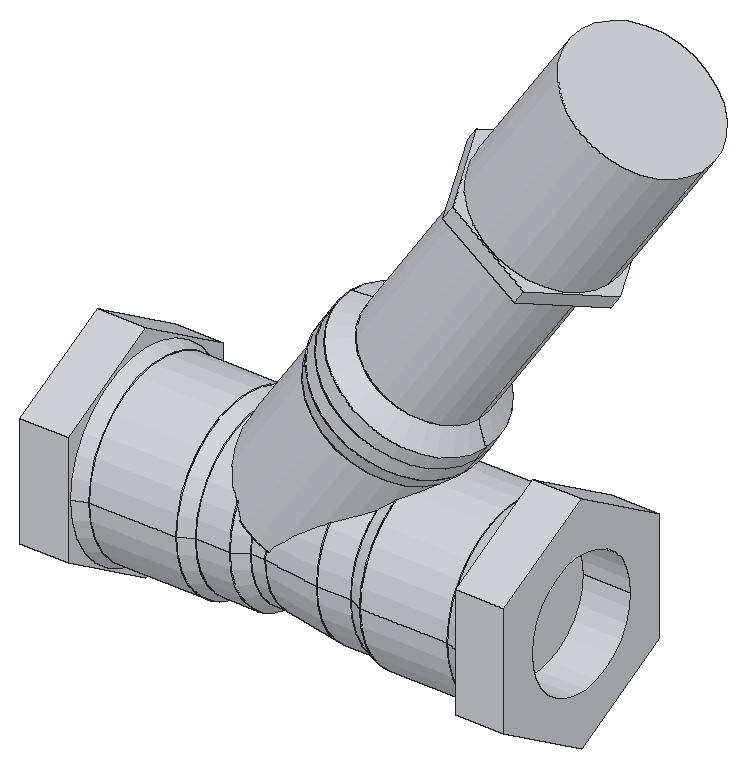
Revit family "DPRV_DN020_RFA_2019", category Pipe Accessories, Revit 2019
Family settings
  Round Connector Dimension = Use Diameter
  Part Type = Valve - Breaks Into
  Work Plane-Based = No
  Always vertical = Yes
  Cut with Voids When Loaded = No
  Shared = No
Parameters (values of type "DPRV-DN20")
  magiProductId = "7bf90d6895024d90850a4e7c13d0c4"
  magiProductFamilyId = "2368235d042246b783f613dde97580"
  magiPartTypeId = 304
  isMeasuringValve [instance] = no
  ang2D [instance] = 0.00°
  Z1 = 26.304 mm
  Y6 = 15.3 mm
  Y5 = 13.4 mm
  Y3 = 14.4 mm
  Y15 = 11.934 mm
  Y14 = 14.04 mm
  Y12 = 10.14 mm
  Y11 = 13.26 mm
  Y10 = 12.48 mm
  Y0 = 12.06 mm
  XT0 = 8 mm
  X7 = 5.46 mm
  X6__ve = -X6  # -14.04 mm
  X6 = 14.04 mm
  X3 = 2.34 mm
  X1__ve = -X1  # -7.8 mm
  X1 = 7.8 mm
  X0 = 39 mm
  W2D = 15 mm
  VersionID = "2.0/2018.12.13.2/FRESE_DPRV_001"
  Use Minimum Symbol Size [instance] = no
  URL = "www.hydronix.cz"
  Type Comments = "závitový s vnitřním závitem; PN25; dpmax=600kPa; -20~+120°C"
  QmdConnectorList = "301;D;302;D"
  Productdata [instance] = ""
  Manufacturer = "Hydronix"
  MC Use Limits From Balancing Method = no
  MC Throttling Minimum Value = 0
  MC Throttling Maximum Value = 0
  MC Product Code = "48-0076; DN20 FF; nastavitelný rozsah 10-60kPa; kvs=3,7"
  MC Pressure Drop Minimum Value = 0.0 Pa
  MC Pressure Drop Maximum Value = 0.0 Pa
  MC Piping Given Pressure Drop [instance] = 0.0 Pa
  L3 = 18 mm
  L2D_Min = 30.48 mm
  L2D = 70 mm
  H6 = 31.304 mm
  H5 = 2.63 mm
  H2 = 21.92 mm
  Description = "Nastavitelný přepouštěcí ventil"
  DT2 = 10 mm
  D = 20 mm
  CenSd_Y14_6 = Y14 * cos(30.00°)  # 12.159 mm
  CenSd_L3_6 = L3 * cos(30.00°)  # 15.588 mm
  AA3 = 3.081 mm
  AA2 = 5.371 mm
Types (4, lengths in mm): name | magiProductId | Z1 | Y6 | Y5 | Y3 | Y15 | Y14 | Y12 | Y11 | Y10 | Y0 | X7 | X6__ve | X6 | X3 | X1__ve | X1 | X0 | MC Product Code | L3 | H6 | H5 | H2 | DT2 | D | CenSd_Y14_6 | CenSd_L3_6 | AA3 | AA2
  DPRV-DN15 | "0a1695ce379549c5bda4e9817c8a32" | 26.012 | 12.75 | 11 | 12 | 10.71 | 12.6 | 9.1 | 11.9 | 11.2 | 9.9 | 4.9 | -12.6 | 12.6 | 2.1 | -7 | 7 | 35 | "48-0075; DN15 FF; nastavitelný rozsah 10-60kPa; kvs=3,5" | 15 | 31.012 | 2.601 | 21.677 | 7.5 | 15 | 10.912 | 12.99 | 2.941 | 5.127
  DPRV-DN20 | "7bf90d6895024d90850a4e7c13d0c4" | 26.304 | 15.3 | 13.4 | 14.4 | 11.934 | 14.04 | 10.14 | 13.26 | 12.48 | 12.06 | 5.46 | -14.04 | 14.04 | 2.34 | -7.8 | 7.8 | 39 | "48-0076; DN20 FF; nastavitelný rozsah 10-60kPa; kvs=3,7" | 18 | 31.304 | 2.63 | 21.92 | 10 | 20 | 12.159 | 15.588 | 3.081 | 5.371
  DPRV-DN25 | "8f5d2c47d0804d84a9ee1a0f7163ce" | 28.345 | 19.55 | 17.4 | 18.4 | 13.311 | 15.66 | 11.31 | 14.79 | 13.92 | 15.66 | 6.09 | -15.66 | 15.66 | 2.61 | -8.7 | 8.7 | 43.5 | "48-0077; DN25 FF; nastavitelný rozsah 10-60kPa; kvs=8,3" | 23 | 33.345 | 2.835 | 23.621 | 12.5 | 25 | 13.562 | 19.919 | 3.991 | 6.958
  DPRV-DN32 | "4b273c145a0a4466be66f0b82dd13f" | 28.27 | 23.8 | 21.4 | 22.4 | 15.759 | 18.54 | 13.39 | 17.51 | 16.48 | 19.26 | 7.21 | -18.54 | 18.54 | 3.09 | -10.3 | 10.3 | 51.5 | "48-0078; DN32 FF; nastavitelný rozsah 10-60kPa; kvs=10,5" | 28 | 33.27 | 2.827 | 23.558 | 16 | 32 | 16.056 | 24.249 | 4.131 | 7.203
Reference planes
  plane 1 "Center (Front/Back)": y = 0
  plane 2 "XYPLANE": z = 0
  plane 3 "Center (Left/Right)": x = 0
  plane 4 "733": through (-616.131, 0, 427.659) normal (0.5736, 0, 0.8192)
  plane 5 "722": through (-614.364, 0, 430.182) normal (0.5736, 0, 0.8192)
  plane 6 "680": through (-595.756, 0, 456.757) normal (0.5736, 0, 0.8192)
  plane 7 "673": through (-576.292, 0, 484.555) normal (0.5736, 0, 0.8192)
  plane 8 "667": x = 7.02
  plane 9 "666": x = -2.34
  plane 10 "664": x = -4.68
  plane 11 "662": x = -7.02
  plane 12 "540": through (-598.774, 0, 452.448) normal (0.5736, 0, 0.8192)
  plane 13 "539": through (-577.801, 0, 482.4) normal (0.5736, 0, 0.8192)
  plane 14 "535": through (-597.265, 0, 454.603) normal (0.5736, 0, 0.8192)
  plane 15 "531": through (-600.282, 0, 450.293) normal (0.5736, 0, 0.8192)
  plane 16 "528": through (-601.791, 0, 448.138) normal (0.5736, 0, 0.8192)
  plane 17 "512": y = 0
  plane 18 "510": through (425.782, 0, 617.445) normal (0.8192, 0, -0.5736)
  plane 19 "369": x = 12.48
  plane 20 "367": x = 14.82
  plane 21 "366": x = 31.2
  plane 22 "365": x = 28.86
  plane 23 "354": x = -12.48
  plane 24 "54": x = -14.82
  plane 25 "49": x = -28.86
  plane 26 "18": x = -31.2
  plane 27 "8": x = 39
  plane 28 "7": x = -39
  plane 29 "3": z = 0
  plane 30 "2": y = 0
  plane 31 "507XY": through (-614.364, 0, 430.182) normal (0.5736, 0, 0.8192)
  plane 32 "507XZ": y = 0
  plane 33 "507YZ": through (430.182, 0, 614.364) normal (0.8192, 0, -0.5736)
Forms (mm)
  Extrusion 1, solid
    sketch origin (-576.292, 0, 484.555) x (0.819152, 0, -0.573576) y (0, 1, 0)
      loop
        circle (744.629, 0) r 11.934
    from 0 to 26.304 <- "Z1"
  Extrusion 2, solid
    sketch origin (-577.801, 0, 482.4) x (0.819152, 0, -0.573576) y (0, 1, 0)
      loop
        line (758.669, 0) -> (751.649, 12.159) -> (737.609, 12.159) -> (730.589, 0) -> (737.609, -12.159) -> (751.649, -12.159) -> (758.669, 0)
    from 0 to 2.63 <- "H5"
  Blend 3, solid
    base sketch origin (-597.265, 0, 454.603) x (0.819152, 0, -0.573576) y (0, 1, 0)
      loop
        circle (744.629, 0) r 13.26
    top sketch origin (-597.265, 0, 454.603) x (0.819152, 0, -0.573576) y (0, 1, 0)
      loop
        circle (744.629, 0) r 10.14
    from 0 to 2.63
  Blend 4, solid
    base sketch origin (-601.791, 0, 448.138) x (0.819152, 0, -0.573576) y (0, 1, 0)
      loop
        circle (744.629, 0) r 12.48
    top sketch origin (-601.791, 0, 448.138) x (0.819152, 0, -0.573576) y (0, 1, 0)
      loop
        circle (744.629, 0) r 13.26
    from 0 to 2.63
  Blend 5, solid
    base sketch origin (-2.34, -750, 0) x (0, 1, 0) y (0, 0, 1)
      loop
        circle (750, 0) r 12.06
    top sketch origin (-2.34, -750, 0) x (0, 1, 0) y (0, 0, 1)
      loop
        circle (750, 0) r 13.4
    from 0 to 9.36
  Extrusion 6, solid
    sketch origin (-4.68, -750, 0) x (0, 1, 0) y (0, 0, 1)
      loop
        circle (750, 0) r 12.06
    from 0 to 2.34 <- "X3"
  Blend 7, solid
    base sketch origin (-7.02, -750, 0) x (0, 1, 0) y (0, 0, 1)
      loop
        circle (750, 0) r 13.4
    top sketch origin (-7.02, -750, 0) x (0, 1, 0) y (0, 0, 1)
      loop
        circle (750, 0) r 12.06
    from 0 to 2.34
  Extrusion 8, solid
    sketch origin (7.02, -750, 0) x (0, 1, 0) y (0, 0, 1)
      loop
        circle (750, 0) r 13.4
    from 0 to 5.46 <- "X7"
  Blend 9, solid
    base sketch origin (-614.364, 0, 430.182) x (0.819152, 0, -0.573576) y (0, 1, 0)
      loop
        circle (744.629, 0) r 12.48
    top sketch origin (-614.364, 0, 430.182) x (0.819152, 0, -0.573576) y (0, 1, 0)
      loop
        circle (744.629, 0) r 8
    from 0 to -3.081
  Extrusion 10, solid
    sketch origin (-595.756, 0, 456.757) x (0.819152, 0, -0.573576) y (0, 1, 0)
      loop
        circle (744.629, 0) r 10.14
    from 0 to 31.304 <- "H6"
  Extrusion 11, solid
    sketch origin (-598.774, 0, 452.448) x (0.819152, 0, -0.573576) y (0, 1, 0)
      loop
        circle (744.629, 0) r 13.26
    from 0 to 2.63 <- "H5"
  Extrusion 12, solid
    sketch origin (-600.282, 0, 450.293) x (0.819152, 0, -0.573576) y (0, 1, 0)
      loop
        circle (744.629, 0) r 13.26
    from 0 to 2.63 <- "H5"
  Extrusion 13, solid
    sketch origin (-614.364, 0, 430.182) x (0.819152, 0, -0.573576) y (0, 1, 0)
      loop
        circle (744.629, 0) r 12.48
    from 0 to 21.92 <- "H2"
  Blend 14, solid
    base sketch origin (14.82, -750, 0) x (0, 1, 0) y (0, 0, 1)
      loop
        circle (750, 0) r 14.4
    top sketch origin (14.82, -750, 0) x (0, 1, 0) y (0, 0, 1)
      loop
        circle (750, 0) r 13.4
    from 0 to -2.34
  Extrusion 15, solid
    sketch origin (28.86, -750, 0) x (0, 1, 0) y (0, 0, 1)
      loop
        circle (750, 0) r 14.4
    from 0 to -14.04 <- "X6__ve"
  Extrusion 16, solid
    sketch origin (-12.48, -750, 0) x (0, 1, 0) y (0, 0, 1)
      loop
        circle (750, 0) r 13.4
    from 0 to 5.46 <- "X7"
  Extrusion 17, solid
    sketch origin (-28.86, -750, 0) x (0, 1, 0) y (0, 0, 1)
      loop
        circle (750, 0) r 14.4
    from 0 to 14.04 <- "X6"
  Blend 18, solid
    base sketch origin (-14.82, -750, 0) x (0, 1, 0) y (0, 0, 1)
      loop
        circle (750, 0) r 14.4
    top sketch origin (-14.82, -750, 0) x (0, 1, 0) y (0, 0, 1)
      loop
        circle (750, 0) r 13.4
    from 0 to 2.34
  Extrusion 19, solid
    sketch origin (-39, -750, 0) x (0, 1, 0) y (0, 0, 1)
      loop
        line (750, 18) -> (734.412, 9) -> (734.412, -9) -> (750, -18) -> (765.588, -9) -> (765.588, 9) -> (750, 18)
      loop
        circle (750, 0) r 10
    from 0 to 7.8 <- "X1"
  Blend 20, solid
    base sketch origin (31.2, -750, 0) x (0, 1, 0) y (0, 0, 1)
      loop
        circle (750, 0) r 15.3
    top sketch origin (31.2, -750, 0) x (0, 1, 0) y (0, 0, 1)
      loop
        circle (750, 0) r 14.4
    from 0 to -2.34
  Extrusion 21, solid
    sketch origin (39, -750, 0) x (0, 1, 0) y (0, 0, 1)
      loop
        line (750, 18) -> (734.412, 9) -> (734.412, -9) -> (750, -18) -> (765.588, -9) -> (765.588, 9) -> (750, 18)
      loop
        circle (750, 0) r 10
    from 0 to -7.8 <- "X1__ve"
  Blend 22, solid
    base sketch origin (-31.2, -750, 0) x (0, 1, 0) y (0, 0, 1)
      loop
        circle (750, 0) r 15.3
    top sketch origin (-31.2, -750, 0) x (0, 1, 0) y (0, 0, 1)
      loop
        circle (750, 0) r 14.4
    from 0 to 2.34
  Extrusion 23, solid, not visible
    sketch origin (39, -750, 0) x (0, 1, 0) y (0, 0, 1)
      loop
        circle (750, 0) r 10
    from 0 to -10
  Extrusion 24, solid, not visible
    sketch origin (-39, -750, 0) x (0, 1, 0) y (0, 0, 1)
      loop
        circle (750, 0) r 10
    from 0 to 10
Lines and regions (mm)
  reference lines, not visible
    curve 1: circle (2, 2, 0) r 1 normal (0, 0, 1)
  reference lines
    curve 2: line (32.163, 0, 55.299) -> (29.583, 5.456, 57.106)
    curve 3: line (32.163, 0, 55.299) -> (27.003, 0, 58.912)
    curve 4: line (32.163, 0, 55.299) -> (29.583, -5.456, 57.106)
    curve 5: line (-39, 0, 0) -> (-39, -6.495, -3.75)
    curve 6: line (-39, 0, 0) -> (-39, 0, -7.5)
    curve 7: line (-39, 0, 0) -> (-39, 6.495, -3.75)
    curve 8: line (39, 0, 0) -> (39, -6.495, -3.75)
    curve 9: line (39, 0, 0) -> (39, 0, -7.5)
    curve 10: line (39, 0, 0) -> (39, 6.495, -3.75)
Dimensions and locks
  plane 1 "Center (Front/Back)" to curve 1 = 2 mm
  "AA3": plane 31 "507XY" to plane 4 "733"
  locked: plane 31 "507XY" to plane 5 "722"
  "H5": plane 14 "535" to plane 6 "680"
  "H5": plane 13 "539" to plane 7 "673"
  "X7": plane 19 "369" to plane 8 "667"
  "X3": plane 10 "664" to plane 9 "666"
  "X3": plane 11 "662" to plane 10 "664"
  "X7": plane 23 "354" to plane 11 "662"
  "H5": plane 15 "531" to plane 12 "540"
  "H6": plane 6 "680" to plane 13 "539"
  "H5": plane 12 "540" to plane 14 "535"
  "H5": plane 16 "528" to plane 15 "531"
  "H2": plane 31 "507XY" to plane 16 "528"
  locked: plane 32 "507XZ" to plane 17 "512"
  "AA2": plane 33 "507YZ" to plane 18 "510"
  "X3": plane 20 "367" to plane 19 "369"
  "X6": plane 22 "365" to plane 20 "367"
  "X1": plane 27 "8" to plane 21 "366"
  "X3": plane 21 "366" to plane 22 "365"
  "X3": plane 24 "54" to plane 23 "354"
  "X6": plane 25 "49" to plane 24 "54"
  "X3": plane 26 "18" to plane 25 "49"
  "X1": plane 28 "7" to plane 26 "18"
  "X0": plane 3 "Center (Left/Right)" to plane 27 "8"
  "X0": plane 3 "Center (Left/Right)" to plane 28 "7"
  locked: plane 2 "XYPLANE" to plane 29 "3"
  locked: plane 1 "Center (Front/Back)" to plane 30 "2"
  "CenSd_Y14_6": curve 2 to Extrusion 2 sketch curve  (x2)
  "CenSd_Y14_6": curve 3 to Extrusion 2 sketch curve  (x2)
  "CenSd_Y14_6": curve 4 to Extrusion 2 sketch curve  (x2)
  Extrusion 2 sketch curve to Extrusion 2 sketch curve = 0 mm  (x12)
  "CenSd_L3_6": curve 5 to Extrusion 19 sketch curve  (x2)
  "CenSd_L3_6": curve 6 to Extrusion 19 sketch curve  (x2)
  "CenSd_L3_6": curve 7 to Extrusion 19 sketch curve  (x2)
  Extrusion 19 sketch curve to Extrusion 19 sketch curve = 0 mm  (x12)
  "CenSd_L3_6": curve 8 to Extrusion 21 sketch curve  (x2)
  "CenSd_L3_6": curve 9 to Extrusion 21 sketch curve  (x2)
  "CenSd_L3_6": curve 10 to Extrusion 21 sketch curve  (x2)
  Extrusion 21 sketch curve to Extrusion 21 sketch curve = 0 mm  (x12)
  "Y15": radius of Extrusion 1 sketch curve
  "Y12": radius of Blend 3 sketch curve
  "Y11": radius of Blend 3 sketch curve
  "Y11": radius of Blend 4 sketch curve
  "Y10": radius of Blend 4 sketch curve
  "Y5": radius of Blend 5 sketch curve
  "Y0": radius of Blend 5 sketch curve
  "Y0": radius of Extrusion 6 sketch curve
  "Y0": radius of Blend 7 sketch curve
  "Y5": radius of Blend 7 sketch curve
  "Y5": radius of Extrusion 8 sketch curve
  "XT0": radius of Blend 9 sketch curve
  "Y10": radius of Blend 9 sketch curve
  "Y12": radius of Extrusion 10 sketch curve
  "Y11": radius of Extrusion 11 sketch curve
  "Y11": radius of Extrusion 12 sketch curve
  "Y10": radius of Extrusion 13 sketch curve
  "Y5": radius of Blend 14 sketch curve
  "Y3": radius of Blend 14 sketch curve
  "Y3": radius of Extrusion 15 sketch curve
  "Y5": radius of Extrusion 16 sketch curve
  "Y3": radius of Extrusion 17 sketch curve
  "Y5": radius of Blend 18 sketch curve
  "Y3": radius of Blend 18 sketch curve
  "DT2": radius of Extrusion 19 sketch curve
  "Y3": radius of Blend 20 sketch curve
  "Y6": radius of Blend 20 sketch curve
  "DT2": radius of Extrusion 21 sketch curve
  "Y3": radius of Blend 22 sketch curve
  "Y6": radius of Blend 22 sketch curve
  locked: curve 3 to curve 2 (angle 60.00°)
  locked: curve 4 to curve 3 (angle 60.00°)
  locked: curve 4 to curve 2 (angle 120.00°)
  locked: curve 6 to curve 5 (angle 60.00°)
  locked: curve 7 to curve 6 (angle 60.00°)
  locked: curve 7 to curve 5 (angle 120.00°)
  locked: curve 9 to curve 8 (angle 60.00°)
  locked: curve 10 to curve 9 (angle 60.00°)
  locked: curve 10 to curve 8 (angle 120.00°)
  aligned and locked: level to plane 2 "XYPLANE"
  aligned and locked: plane 17 "512" to Extrusion 1 sketch curve
  aligned and locked: Extrusion 1 sketch curve to plane 18 "510"
  aligned and locked: curve 2 to plane 18 "510"
  aligned and locked: plane 17 "512" to curve 3
  aligned and locked: plane 17 "512" to Blend 3 sketch curve  (x2)
  aligned and locked: Blend 3 sketch curve to plane 18 "510"  (x2)
  aligned and locked: plane 6 "680" to Blend 3
  aligned and locked: plane 17 "512" to Blend 4 sketch curve  (x2)
  aligned and locked: Blend 4 sketch curve to plane 18 "510"  (x2)
  aligned and locked: plane 15 "531" to Blend 4
  aligned and locked: plane 29 "3" to Blend 5 sketch curve  (x2)
  aligned and locked: Blend 5 sketch curve to plane 30 "2"  (x2)
  aligned and locked: plane 8 "667" to Blend 5
  aligned and locked: plane 29 "3" to Extrusion 6 sketch curve
  aligned and locked: Extrusion 6 sketch curve to plane 30 "2"
  aligned and locked: plane 29 "3" to Blend 7 sketch curve  (x2)
  aligned and locked: Blend 7 sketch curve to plane 30 "2"  (x2)
  aligned and locked: plane 10 "664" to Blend 7
  aligned and locked: plane 29 "3" to Extrusion 8 sketch curve
  aligned and locked: Extrusion 8 sketch curve to plane 30 "2"
  aligned and locked: plane 17 "512" to Blend 9 sketch curve  (x2)
  aligned and locked: Blend 9 sketch curve to plane 18 "510"  (x2)
  aligned and locked: Blend 9 to plane 4 "733"
  aligned and locked: plane 17 "512" to Extrusion 10 sketch curve
  aligned and locked: Extrusion 10 sketch curve to plane 18 "510"
  aligned and locked: plane 17 "512" to Extrusion 11 sketch curve
  aligned and locked: Extrusion 11 sketch curve to plane 18 "510"
  aligned and locked: plane 17 "512" to Extrusion 12 sketch curve
  aligned and locked: Extrusion 12 sketch curve to plane 18 "510"
  aligned and locked: plane 17 "512" to Extrusion 13 sketch curve
  aligned and locked: Extrusion 13 sketch curve to plane 18 "510"
  aligned and locked: plane 29 "3" to Blend 14 sketch curve  (x2)
  aligned and locked: Blend 14 sketch curve to plane 30 "2"  (x2)
  aligned and locked: Blend 14 to plane 19 "369"
  aligned and locked: plane 29 "3" to Extrusion 15 sketch curve
  aligned and locked: Extrusion 15 sketch curve to plane 30 "2"
  aligned and locked: plane 29 "3" to Extrusion 16 sketch curve
  aligned and locked: Extrusion 16 sketch curve to plane 30 "2"
  aligned and locked: plane 29 "3" to Extrusion 17 sketch curve
  aligned and locked: Extrusion 17 sketch curve to plane 30 "2"
  aligned and locked: plane 29 "3" to Blend 18 sketch curve  (x2)
  aligned and locked: Blend 18 sketch curve to plane 30 "2"  (x2)
  aligned and locked: plane 23 "354" to Blend 18
  aligned and locked: plane 29 "3" to curve 7
  aligned and locked: curve 7 to plane 30 "2"
  aligned and locked: plane 29 "3" to Extrusion 19 sketch curve
  aligned and locked: Extrusion 19 sketch curve to plane 30 "2"
  aligned and locked: plane 29 "3" to Blend 20 sketch curve  (x2)
  aligned and locked: Blend 20 sketch curve to plane 30 "2"  (x2)
  aligned and locked: Blend 20 to plane 22 "365"
  aligned and locked: plane 29 "3" to curve 10
  aligned and locked: curve 10 to plane 30 "2"
  aligned and locked: plane 29 "3" to Extrusion 21 sketch curve
  aligned and locked: Extrusion 21 sketch curve to plane 30 "2"
  aligned and locked: plane 29 "3" to Blend 22 sketch curve  (x2)
  aligned and locked: Blend 22 sketch curve to plane 30 "2"  (x2)
  aligned and locked: plane 25 "49" to Blend 22
  aligned and locked: plane 29 "3" to Extrusion 23 sketch curve
  aligned and locked: Extrusion 23 sketch curve to plane 30 "2"
  aligned and locked: plane 29 "3" to Extrusion 24 sketch curve
  aligned and locked: Extrusion 24 sketch curve to plane 30 "2"
Automatic sketch dimensions
  plane 1 "Center (Front/Back)" to Extrusion 23 sketch curve = 10 mm
  plane 1 "Center (Front/Back)" to Extrusion 24 sketch curve = 10 mm
  plane 3 "Center (Left/Right)" to curve 1 = 2 mm
  radius of curve 1 = 1 mm
Connectors
  piping at (-39, 0, 0), diameter 20, driven by "D"
    settings: on Extrusion 24, index 1, connector inside diameter 609.6 mm, connector length 0 mm, flow factor 0, pipe flow 0.0 L/s, pressure drop 0.0 Pa, fitting loss kfactor 0, connector angle 0.00°, fixture units 0, engagement length 0 mm, angle of deflection 0.00°, flow configuration 0, flow direction 0, fitting loss method 0, system type 29, joint type 0, gender type 0, connector reference index 2, connector utility 0, adjustable connector no, is connector primary yes, connector description ""
  piping at (39, 0, 0), diameter 20, driven by "D"
    settings: on Extrusion 23, index 2, connector inside diameter 609.6 mm, connector length 0 mm, flow factor 0, pipe flow 0.0 L/s, pressure drop 0.0 Pa, fitting loss kfactor 0, connector angle 0.00°, fixture units 0, engagement length 0 mm, angle of deflection 0.00°, flow configuration 0, flow direction 0, fitting loss method 0, system type 29, joint type 0, gender type 0, connector reference index 1, connector utility 0, adjustable connector no, is connector primary no, connector description ""
